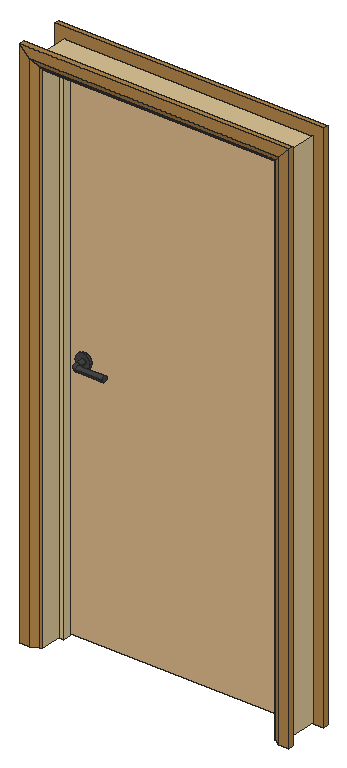
Revit family "Door1.00x2.10", category Doors, host Wall, Revit 2021
Family settings
  Host = Wall
  Always vertical = Yes
  Cut with Voids When Loaded = No
  Shared = No
  Room Calculation Point = No
Parameters (values of type "0.86")
  Visual Light Transmittance = 0
  Vis - Ironmongery = yes
  UnderCut = 8 mm
  Type Comments = "Internal Single"
  Tolerance = 2 mm
  Thickness = Door Panel Thickness  # 38 mm
  Thermal Resistance (R) = 0.270117 (m²·K)/W
  Structural Tolerance = 8 mm
  StopDepth = 32 mm
  Stop Thickness = 19 mm
  Solar Heat Gain Coefficient = 0
  Rough Width = Width  # 1000 mm
  Rough Height = Height  # 2100 mm
  Operation = "SingleSwingRight"
  Material Ironmongery = Door - Handle
  Material Frame = Door - Frame/Mullion (1)
  Material Door = Door - Panel
  Material Architrave = Door - Architrave
  Manufacturer = "Revit"
  Keynote = "L20"
  Height to Top Lock Rail = 1000 mm
  Heat Transfer Coefficient (U) = 3.7021 W/(m²·K)
  Handle Z Distance = 1000 mm
  Handle X Distance = 75 mm
  Function = Interior
  Frame Thickness = 32 mm
  Door Panel Width = Width - (2 * Structural Tolerance) - (2 * Tolerance) - (2 * Frame Thickness)  # 916 mm
  Door Panel Thickness = 38 mm
  Door Panel Offset = 0 mm
  Height = 2100 mm
  Wall Closure = By host
  Width = 1000 mm
  Door Panel Height = Height - Structural Tolerance - Tolerance - Frame Thickness - UnderCut  # 2050 mm
  Description = "Internal Single Door"
  Define Thermal Properties by = Schematic Type
  Architrave Setback = 5 mm
  Analytic Construction = "Metal"
Types (2, lengths in mm): name | Rough Width | Rough Height | Door Panel Width | Height | Width | Door Panel Height
  0.86 | 1000 | 2100 | 916 | 2100 | 1000 | 2050
  0.7 | 700 | 2200 | 616 | 2200 | 700 | 2150
Reference planes
  plane 1: y = 0
  plane 2 "Center L/R": x = 0
  plane 3 "Left": x = -500
  plane 4 "Right": x = 500
  plane 5: z = 2100
  plane 6 "Exterior": y = 75
  plane 7 "Interior": y = -75
  plane 8 "Structural Tolerance LHS": x = -492
  plane 9 "Structural Tolerance RHS": x = 492
  plane 10 "Structural Tolerance Top": z = 2092
  plane 11 "LHS Stop": x = -441
  plane 12 "Tolerance": y = 35
  plane 13 "Door Leading Face": y = 75
  plane 14 "Door Rear Face": y = 37
  plane 15 "Architrave LHS": x = -465
  plane 16 "RHS Stop": x = 441
  plane 17 "Architrave RHS": x = 465
  plane 18 "Tolerance right": x = 458
  plane 19 "Frame LHS": x = -460
  plane 20 "Frame RHS": x = 460
  plane 21 "Tolerance LHS": x = -458
  plane 22: z = 8
  plane 23 "Tolerance at Door Head": z = 2058
  plane 24 "Handle X": x = -383
  plane 25 "handle plane": z = 1000
  plane 26 "Frame U/S": z = 2060
  plane 27 "Rear of Stop": y = 3
  plane 28 "Architrave Top": z = 2065
Forms (mm)
  Extrusion 1, solid, material "Door - Panel" <- "Material Door"
    sketch origin (0, 75, 0) x (1, 0, 0) y (0, 0, 1)
      loop
        line (458, 2058) -> (-458, 2058) -> (-458, 8) -> (458, 8) -> (458, 2058)
    from 0 to 38
  Sweep 2, solid, material "Door - Frame/Mullion (1)" <- "Material Frame", detail levels fine
    path origin (0, -75, 0) x (1, 0, 0) y (0, 0, 1)
      loop
        line (-492, 0) -> (-492, 2092) -> (492, 2092) -> (492, 0)
    profile origin (0, -75, 1046) x (-1, 0, 0) y (0, -1, 0)
      loop
        line (492, -150) -> (492, 0) -> (460, 0) -> (460, -150) -> (492, -150)
  Sweep 3, solid, material "Door - Architrave" <- "Material Architrave", detail levels fine
    path origin (0, -75, 0) x (1, 0, 0) y (0, 0, 1)
      loop
        line (-465, 0) -> (-465, 2065) -> (465, 2065) -> (465, 0)
    profile "Architrave - Chamfered : 20 x 70mm" origin (-465, -75, 1032.5) x (-1, 0, 0) y (0, -1, 0)
      loop
        line (70, 0) -> (70, 20) -> (30, 20) -> (4, 6)
        arc (4, 6) -> (1.292, 3.472) -> (0, 0) r 8.062
        line (0, 0) -> (70, 0)
  Sweep 4, solid, material "Door - Frame/Mullion (1)" <- "Material Frame", detail levels coarse+medium
    path origin (0, -75, 0) x (1, 0, 0) y (0, 0, 1)
      loop
        line (-500, 0) -> (-500, 2100) -> (500, 2100) -> (500, 0)
    profile origin (0, -75, 1050) x (-1, 0, 0) y (0, -1, 0)
      loop
        line (500, 0) -> (460, 0) -> (460, -150) -> (500, -150) -> (500, 0)
  Sweep 5, solid, material "Door - Frame/Mullion (1)" <- "Material Frame", detail levels fine
    path origin (0, 3, 0) x (1, 0, 0) y (0, 0, 1)
      loop
        line (-460, 0) -> (-460, 2060) -> (460, 2060) -> (460, 0)
    profile origin (0, 0, 1030) x (-1, 0, 0) y (0, -1, 0)
      loop
        line (441, -35) -> (460, -35) -> (460, -3) -> (441, -3) -> (441, -35)
  Sweep 6, solid, material "Door - Architrave" <- "Material Architrave", detail levels fine
    path origin (0, 75, 0) x (1, 0, 0) y (0, 0, 1)
      loop
        line (465, 0) -> (465, 2065) -> (-465, 2065) -> (-465, 0)
    profile "Architrave - Chamfered : 20 x 70mm" origin (465, 75, 1032.5) x (-1, 0, 0) y (0, -1, 0)
      loop
        line (-70, 0) -> (-70, -20) -> (-30, -20) -> (-4, -6)
        arc (-4, -6) -> (-1.292, -3.472) -> (0, 0) r 8.062
        line (0, 0) -> (-70, 0)
Lines and regions (mm)
  Opening 1
    outline origin (-3050, -75, 0) x (1, 0, 0) y (0, 0, 1)
      loop
        line (2550, 0) -> (3550, 0) -> (3550, 2100) -> (2550, 2100) -> (2550, 0)
  Masking region 1, detail levels medium+fine
    outline origin (0, 0, 1000) x (0, -1, 0) y (1, 0, 0)
      loop
        line (-75, 420) -> (-75, 458) -> (-991, 458) -> (-991, 420) -> (-75, 420)
  Masking region 2, detail levels medium
    outline origin (0, 0, 1000) x (0, -1, 0) y (1, 0, 0)
      loop
        line (75, -460) -> (-75, -460) -> (-75, -500) -> (75, -500) -> (75, -460)
      loop
        line (75, 460) -> (75, 500) -> (-75, 500) -> (-75, 460) -> (75, 460)
  symbolic lines, style "Plan Swing", detail levels coarse
    curve 1: line (500, 75, 0) -> (500, 1075, 0)
    curve 2: arc (500, 1075, 0) -> (-207.107, 782.107, 0) -> (-500, 75, 0) r 1000
  symbolic lines, style "DoorsPanelProjection", detail levels medium+fine
    curve 3: line (458, 75, 0) -> (420, 75, 0)
    curve 4: line (458, 991, 0) -> (458, 75, 0)
    curve 5: line (420, 991, 0) -> (458, 991, 0)
    curve 6: line (420, 75, 0) -> (420, 991, 0)
  symbolic lines, style "DoorsFrameMullionProjection", detail levels medium
    curve 7: line (-500, 75, 0) -> (-460, 75, 0)
    curve 8: line (-500, -75, 0) -> (-500, 75, 0)
    curve 9: line (-460, -75, 0) -> (-500, -75, 0)
    curve 10: line (-460, 75, 0) -> (-460, -75, 0)
    curve 13: line (500, 75, 0) -> (460, 75, 0)
    curve 14: line (500, -75, 0) -> (500, 75, 0)
    curve 15: line (460, -75, 0) -> (500, -75, 0)
    curve 16: line (460, 75, 0) -> (460, -75, 0)
  symbolic lines, style "Elevation Swing"
    curve 11: line (-458, 0, 2058) -> (458, 0, 1033)
    curve 12: line (458, 0, 1033) -> (-458, 0, 8)
  symbolic lines, style "Plan Swing", detail levels medium+fine
    curve 17: arc (458, 991, 0) -> (-189.71, 722.71, 0) -> (-458, 75, 0) r 916
  symbolic lines, style "DoorsPanelProjection", detail levels coarse
    curve 18: line (0, 75, 2058) -> (0, 75, 8)
    curve 19: line (0, 37, 8) -> (0, 37, 2058)
    curve 20: line (0, 37, 2058) -> (0, 75, 2058)
    curve 21: line (0, 75, 8) -> (0, 37, 8)
  symbolic lines, style "DoorsFrameMullionProjection", detail levels coarse
    curve 22: line (0, 75, 2060) -> (0, -75, 2060)
    curve 23: line (0, -75, 2100) -> (0, 75, 2100)
Text (mm)
  text "Exterior" at (-2295.016, 1099.543, 0), in view "Ref. Level"
  text "Exterior" at (0, 1615.38, 3698.081), in view "Left"
  text "Exterior" at (0, 1036.032, 3874.932), in view "Right"
Dimensions and locks
  equal spacing: plane 3 "Left", plane 2 "Center L/R", plane 4 "Right"
  "Width": plane 3 "Left" to plane 4 "Right"
  "Height": host wall to plane 5
  locked: plane 6 "Exterior" to host wall
  locked: plane 7 "Interior" to host wall
  "Tolerance": plane 14 "Door Rear Face" to plane 12 "Tolerance"
  "Door Panel Thickness": plane 13 "Door Leading Face" to plane 14 "Door Rear Face"
  "Structural Tolerance": plane 3 "Left" to plane 8 "Structural Tolerance LHS"
  "Structural Tolerance": plane 9 "Structural Tolerance RHS" to plane 4 "Right"
  "Frame Thickness": plane 8 "Structural Tolerance LHS" to plane 19 "Frame LHS"
  "Frame Thickness": plane 20 "Frame RHS" to plane 9 "Structural Tolerance RHS"
  "Tolerance": plane 19 "Frame LHS" to plane 21 "Tolerance LHS"
  "Tolerance": plane 18 "Tolerance right" to plane 20 "Frame RHS"
  "UnderCut": plane 22 to level
  "Handle Z Distance": plane 25 "handle plane" to level
  "Door Panel Thickness": curve 6 to curve 4
  "Door Panel Width": curve 4 to curve 5
  equal spacing: plane 23 "Tolerance at Door Head", curve 12, plane 22
  "Structural Tolerance": plane 5 to plane 10 "Structural Tolerance Top"
  "Handle X Distance": plane 21 "Tolerance LHS" to plane 24 "Handle X"
  "Door Panel Offset": plane 13 "Door Leading Face" to plane 6 "Exterior"
  "Frame Thickness": plane 26 "Frame U/S" to plane 10 "Structural Tolerance Top"
  "Tolerance": plane 23 "Tolerance at Door Head" to plane 26 "Frame U/S"
  "Architrave Setback": plane 26 "Frame U/S" to plane 28 "Architrave Top"
  "Architrave Setback": plane 15 "Architrave LHS" to plane 19 "Frame LHS"
  "Architrave Setback": plane 20 "Frame RHS" to plane 17 "Architrave RHS"
  "Stop Thickness": plane 19 "Frame LHS" to plane 11 "LHS Stop"
  "Stop Thickness": plane 16 "RHS Stop" to plane 20 "Frame RHS"
  "StopDepth": plane 27 "Rear of Stop" to plane 12 "Tolerance"
  aligned and locked: plane 3 "Left" to Opening 1 sketch curve
  aligned and locked: plane 5 to Opening 1 sketch curve  (x2)
  aligned and locked: Opening 1 sketch curve to plane 4 "Right"
  aligned and locked: Opening 1 sketch curve to level
  aligned and locked: plane 1 to host wall
  aligned and locked: plane 18 "Tolerance right" to Extrusion 1 sketch curve
  aligned and locked: plane 13 "Door Leading Face" to Extrusion 1
  aligned and locked: Extrusion 1 to plane 14 "Door Rear Face"
  aligned and locked: plane 6 "Exterior" to Sweep 2 sketch curve
  aligned and locked: Sweep 4 sketch curve to host wall
  aligned and locked: Sweep 4 sketch curve to curve 9
  aligned and locked: Sweep 4 sketch curve to Sweep 2
  aligned and locked: Sweep 4 sketch curve to curve 10
  aligned and locked: plane 13 "Door Leading Face" to curve 3
  aligned and locked: plane 23 "Tolerance at Door Head" to Extrusion 1 sketch curve
  aligned and locked: nested 1 to plane 13 "Door Leading Face"
  aligned and locked: nested 2 to plane 14 "Door Rear Face"
  aligned and locked: Sweep 3 sketch curve to plane 15 "Architrave LHS"
  aligned and locked: Sweep 3 sketch curve to plane 17 "Architrave RHS"
  aligned and locked: plane 28 "Architrave Top" to Sweep 3 sketch curve
  aligned and locked: level to Sweep 5 sketch curve  (x2)
  aligned and locked: Sweep 5 sketch curve to plane 19 "Frame LHS"
  aligned and locked: plane 20 "Frame RHS" to Sweep 5 sketch curve
  aligned and locked: plane 26 "Frame U/S" to Sweep 5 sketch curve
  aligned and locked: plane 17 "Architrave RHS" to Sweep 6 sketch curve
  aligned and locked: plane 15 "Architrave LHS" to Sweep 6 sketch curve
  aligned and locked: plane 28 "Architrave Top" to Sweep 6 sketch curve
  aligned and locked: curve 18 to Extrusion 1
  aligned and locked: curve 19 to Extrusion 1
  aligned and locked: curve 20 to Extrusion 1
  aligned and locked: curve 21 to Extrusion 1
  aligned and locked: curve 22 to Sweep 4
  aligned and locked: curve 23 to Sweep 4
  aligned and locked: Sweep 5 sketch curve to plane 11 "LHS Stop"
  aligned and locked: Sweep 5 sketch curve to plane 12 "Tolerance"
  aligned and locked: nested 1 to plane 24 "Handle X"
  aligned and locked: plane 24 "Handle X" to nested 2
  aligned and locked: Masking region 1 sketch curve to curve 6
  aligned and locked: Masking region 1 sketch curve to curve 4
  aligned and locked: Masking region 1 sketch curve to curve 3
  aligned and locked: Masking region 1 sketch curve to curve 5
  aligned: Masking region 2 sketch curve to host wall
  aligned: host wall to Masking region 2 sketch curve
Automatic sketch dimensions
  Sweep 2 sketch curve to plane 8 "Structural Tolerance LHS" = 0 mm
  Sweep 2 sketch curve to plane 9 "Structural Tolerance RHS" = 0 mm
  Sweep 2 sketch curve to level = 0 mm  (x2)
  Sweep 2 sketch curve to plane 10 "Structural Tolerance Top" = 0 mm
  Sweep 2 sketch curve to profile plane = 0 mm
  profile plane to Sweep 2 sketch curve = 32 mm
  Sweep 4 sketch curve to plane 3 "Left" = 0 mm
  Sweep 4 sketch curve to plane 4 "Right" = 0 mm
  Sweep 4 sketch curve to level = 0 mm  (x2)
  Sweep 4 sketch curve to plane 5 = 0 mm
  curve 11 to plane 21 "Tolerance LHS" = 0 mm
  curve 11 to plane 23 "Tolerance at Door Head" = 0 mm
  curve 12 to plane 21 "Tolerance LHS" = 0 mm
  curve 12 to plane 22 = 0 mm
  curve 12 to plane 18 "Tolerance right" = 0 mm
  curve 8 to host wall = 0 mm
  curve 8 to plane 3 "Left" = 0 mm
  curve 10 to plane 19 "Frame LHS" = 0 mm
  curve 17 to plane 13 "Door Leading Face" = 0 mm
  curve 4 to plane 18 "Tolerance right" = 0 mm
  curve 13 to host wall = 0 mm
  curve 13 to plane 20 "Frame RHS" = 0 mm
  curve 2 to plane 4 "Right" = 0 mm
  curve 15 to host wall = 0 mm
  curve 10 to host wall = 0 mm
  Sweep 2 sketch curve to plane 7 "Interior" = 0 mm
  Sweep 3 sketch curve to level = 0 mm  (x2)
  Sweep 5 sketch curve to plane 27 "Rear of Stop" = 0 mm
  Sweep 5 sketch curve to profile plane = 0 mm
  Extrusion 1 sketch curve to plane 21 "Tolerance LHS" = 0 mm
  Extrusion 1 sketch curve to plane 22 = 0 mm
  Sweep 6 sketch curve to level = 0 mm  (x2)
  curve 22 to host wall = 0 mm  (x2)
  curve 23 to host wall = 0 mm  (x2)
  Masking region 2 sketch curve to host wall = 0 mm  (x4)
  Masking region 2 sketch curve to plane 3 "Left" = 0 mm
  Masking region 2 sketch curve to plane 19 "Frame LHS" = 0 mm
  Masking region 2 sketch curve to plane 20 "Frame RHS" = 0 mm
  Masking region 2 sketch curve to plane 4 "Right" = 0 mm
Nested families
  nested 1: "Handle (8)" at (-608, 75, 0), visible <- "Vis - Ironmongery", type "Handle (8)", detail levels medium+fine
    with Handle Z Distance 1000 mm
  nested 2: "Handle (8)" at (-608, 37, 0), visible <- "Vis - Ironmongery", type "Handle (8)", detail levels medium+fine
    with Handle Z Distance 1000 mm
Definition of nested family "Handle (8)"
  Parameters
    Material Ironmongery = none
    Handle Z Distance = 0 mm
    Handle X Distance = 75 mm
    Assembly Code = ""
  Reference planes
    plane 1 "Center (Front/Back)": y = 0
    plane 2: z = 0
    plane 3 "Center (Left/Right)": x = 150
    plane 4: z = 0
    plane 5 "Handle C/L": x = 225
  Forms (mm)
    Extrusion 1, solid, material <- "Material Ironmongery"
      sketch origin (300, 0, 0) x (1, 0, 0) y (0, 0, -1)
        loop
          circle (-77.5, 0) r 30
      from 0 to 8
    Sweep 2, solid, material <- "Material Ironmongery"
      path origin (0, 0, 0) x (0, -1, 0) y (1, 0, 0)
        loop
          line (-8, 225) -> (-38, 225)
          arc (-38, 225) -> (-48.607, 229.393) -> (-53, 240) r 15
          line (-53, 240) -> (-53, 345)
      profile origin (225, 23, 0) x (1, 0, 0) y (0, 0, 1)
        loop
          circle (0, 0) r 10
  Dimensions and locks
    "Handle Z Distance": plane 4 to level
    Sweep 2 sketch curve to Sweep 2 sketch curve = 105 mm
    "Handle X Distance": plane 5 "Handle C/L" to plane 3 "Center (Left/Right)"
    plane 5 "Handle C/L" to Sweep 2 sketch curve = 120 mm
    aligned and locked: plane 4 to Extrusion 1 sketch curve
  Automatic sketch dimensions
    Sweep 2 sketch curve to profile plane = 0 mm  (x2)
    Sweep 2 sketch curve to plane 5 "Handle C/L" = 0 mm
    Sweep 2 sketch curve to plane 1 "Center (Front/Back)" = 53 mm
    Sweep 2 sketch curve to plane 1 "Center (Front/Back)" = 8 mm
    Extrusion 1 sketch curve to plane 5 "Handle C/L" = 2.5 mm
    radius of Sweep 2 sketch curve = 10 mm
    radius of Extrusion 1 sketch curve = 30 mm
